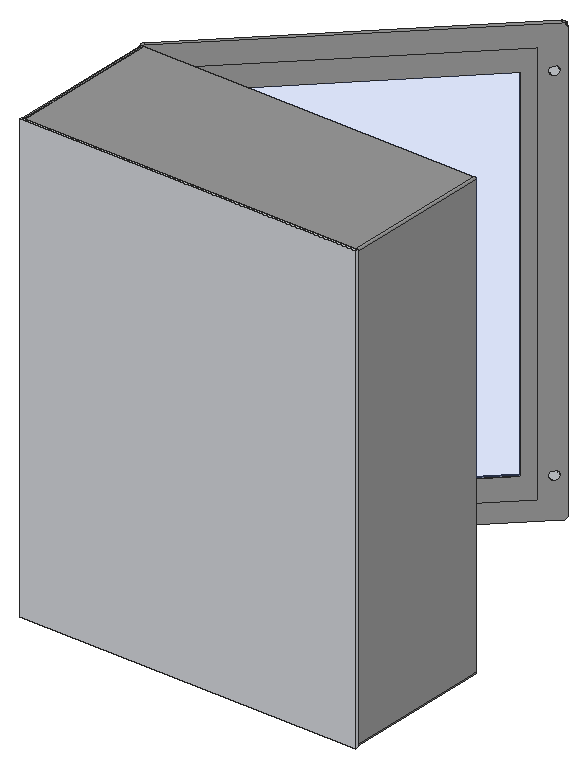
Revit family "Building-SurfaceMountingEnclosures-GEWISS-46QP-DISTRIBUTION-BOARD-POLYESTER_TRANSPARENT_DOOR_IP66", category Attrezzatura elettrica, host Muro, Revit 2016 (continued)
Definition of nested family "DETTAGLIO QUADRI IN POLIESTERE OBLO"
  Lines and regions (mm)
    detail lines, in view "Livello rif.", visible <- "GW46205", not visible
      curve 557: line (-1797.989, -626.4, 0) -> (-1738.613, -561.474, 0)
      curve 558: line (-1554.992, -983.294, 0) -> (-1495.616, -918.368, 0)
      curve 559: line (-1536.424, -1020.429, 0) -> (-1483.431, -962.482, 0)
      curve 560: line (-1532.219, -987.336, 0) -> (-1495.838, -947.554, 0)
      curve 561: line (-1451.373, -568.433, 0) -> (-1451.373, -1003.335, 0)
      curve 562: line (-1488.922, -1040.884, 0) -> (-1793.824, -1040.884, 0)
      curve 563: line (-1831.373, -1003.335, 0) -> (-1831.373, -568.433, 0)
      curve 564: line (-1793.824, -530.884, 0) -> (-1488.922, -530.884, 0)
      curve 569: arc (-1488.922, -1040.884, 0) -> (-1462.371, -1029.886, 0) -> (-1451.373, -1003.335, 0) r 37.549
      curve 570: arc (-1831.373, -1003.335, 0) -> (-1820.375, -1029.886, 0) -> (-1793.824, -1040.884, 0) r 37.549
      curve 571: arc (-1831.373, -568.433, 0) -> (-1820.375, -541.882, 0) -> (-1793.824, -530.884, 0) r 37.549
      curve 572: arc (-1488.922, -530.884, 0) -> (-1462.371, -541.882, 0) -> (-1451.373, -568.433, 0) r 37.549
      curve 573: line (-1637.873, -1167.016, 0) -> (-1637.873, -423.67, 0)
      curve 574: line (-1350.536, -788.67, 0) -> (-1929.292, -788.67, 0)
    detail lines, in view "Livello rif.", visible <- "GW46205", not visible, detail levels medium+fine
      curve 565: circle (-1411.344, -587.966, 0) r 15.964 normal (0, 0, 1)
      curve 566: circle (-1411.344, -587.966, 0) r 7.802 normal (0, 0, 1)
      curve 567: circle (-1411.344, -1028.406, 0) r 15.964 normal (0, 0, 1)
      curve 568: circle (-1411.344, -1028.406, 0) r 7.802 normal (0, 0, 1)
Definition of nested family "QUADRILAN"
  Parameters (values of type "QUADRILAN")
    SIMBOLO ACCESO [instance] = yes
    Distanza dal muro [instance] = 4.208 mm
    BORDO ACCESO [instance] = yes
  Reference planes
    plane 1: y = 0
    plane 2: x = 0
  Dimensions and locks
    "Distanza dal muro": plane 1 to nested 1
    aligned and locked: plane 2 to nested 1
  Nested families
    nested 1: "QUADRILAN_BASE" at (0, 4.208, 0), BORDO ACCESO <- "BORDO ACCESO", SIMBOLO ACCESO <- "SIMBOLO ACCESO", type "QUADRILAN"
      with SIMBOLO ACCESO yes, BORDO ACCESO yes
  Definition of nested family "QUADRILAN_BASE"
    Parameters (values of type "QUADRILAN")
      SIMBOLO ACCESO [instance] = yes
      Distanza dal muro = 4.208 mm
      BORDO ACCESO [instance] = yes
    Reference planes
      plane 1: y = 0
      plane 2: x = 0
    Lines and regions (mm)
      detail lines, visible <- "BORDO ACCESO"
        curve 1: line (-2, 2.5, 0) -> (2, 2.5, 0)
        curve 2: line (2, 2.5, 0) -> (2, 0, 0)
        curve 3: line (2, 0, 0) -> (-2, 0, 0)
        curve 4: line (-2, 0, 0) -> (-2, 2.5, 0)
        curve 5: line (-1.9, 2.4, 0) -> (1.9, 2.4, 0)
        curve 6: line (1.9, 2.4, 0) -> (1.9, 0.1, 0)
        curve 7: line (1.9, 0.1, 0) -> (-1.9, 0.1, 0)
        curve 8: line (-1.9, 0.1, 0) -> (-1.9, 2.4, 0)
      detail lines, visible <- "BORDO ACCESO", not visible
        curve 9: line (-2.443, 10.208, 0) -> (2.057, 10.208, 0)
        curve 10: line (2.057, 10.208, 0) -> (2.057, 4.208, 0)
        curve 11: line (2.057, 4.208, 0) -> (-2.443, 4.208, 0)
        curve 12: line (-2.443, 4.208, 0) -> (-2.443, 10.208, 0)
        curve 13: line (-2.043, 9.808, 0) -> (1.657, 9.808, 0)
        curve 14: line (1.657, 9.808, 0) -> (1.657, 4.608, 0)
        curve 15: line (1.657, 4.608, 0) -> (-2.043, 4.608, 0)
        curve 16: line (-2.043, 4.608, 0) -> (-2.043, 9.808, 0)
      detail lines, visible <- "SIMBOLO ACCESO"
        curve 17: line (1.731, 0.358, 0) -> (-1.731, 2.088, 0)
        curve 18: line (-1.731, 2.088, 0) -> (-0.201, 2.088, 0)
        curve 19: line (-0.201, 2.088, 0) -> (1.731, 2.088, 0)
        curve 20: line (1.731, 2.088, 0) -> (1.731, 0.358, 0)
        curve 21: line (1.731, 0.358, 0) -> (-1.731, 0.358, 0)
        curve 22: line (-1.731, 0.358, 0) -> (-1.731, 2.088, 0)
    Dimensions and locks
      aligned and locked: curve 3 to plane 1
Definition of nested family "NOME QUADRO"
  Parameters (values of type "NOME QUADRO")
    TXT [instance] = ""
  Reference planes
    plane 1: y = 0
    plane 2: x = 0
  Text (mm)
    label "NOME QUADRO" at (0.217, 0.029, 0), shows "TXT"
Types (7, lengths in mm): name | Technical sheet | Spessore quadro | Nominal dim. LxHxD (mm) | No. of modules EN 50022: | No. of modules EN 50022 | No. locks | Modello | Larghezza quadro | IDT | H_quadro | H_da terra | GEWISS SCHEDA TECNICA | Functional dim. LxHxD (mm) | EAN code | Dispersible power B (W) | Dispersible power A (W) | Dispersible power (W) | Dettaglio | Descrizione
  GW46201F - WT.POLYEST. BOARD250X300X160 WIN. DOOR | "https://www.gewiss.com/ww/en/search?q=GW46201F" | 160 | "250x300x160" | "" | "" | "1" | "GW46201F" | 250 | "96d41066-dc0b-41a3-9367-37be5e484ba9" | 300 | 90 | "http://pro.gewiss.com/irj/portal/?NavigationTarget=pcd:portal_content/com.gewiss.ZPPFDMain/com.gewiss.ZPPFDITMain/com.gewiss.ZPPFDITMainDefault/com.gewiss.ZPPFDITPages/com.gewiss.ZPPFDITPagesAP/com.gewiss.ZPPFDITPagesAPCatalogo/com.gewiss.ZPPPDITAPProductDetail&codProd=GW46201" | "253x303x160" | "8011564854789" | "-" | "34" | "" | DETTAGLIO QUADRI IN POLIESTERE OBLO : GW46201 | "WT.POLYEST. BOARD250X300X160 WIN. DOOR"
  GW46202F - WT.POLYEST. BOARD310X425X160 WIN. DOOR | "https://www.gewiss.com/ww/en/search?q=GW46202F" | 160 | "310x425x160" | "36 (12x3)" | "36 (12x3)" | "2" | "GW46202F" | 310 | "c18cbca1-f5aa-469c-8ab7-cb599a6e27dc" | 425 | 90 | "http://pro.gewiss.com/irj/portal/?NavigationTarget=pcd:portal_content/com.gewiss.ZPPFDMain/com.gewiss.ZPPFDITMain/com.gewiss.ZPPFDITMainDefault/com.gewiss.ZPPFDITPages/com.gewiss.ZPPFDITPagesAP/com.gewiss.ZPPFDITPagesAPCatalogo/com.gewiss.ZPPPDITAPProductDetail&codProd=GW46202" | "316x427x160" | "8011564854796" | "39" | "48" | "39" | DETTAGLIO QUADRI IN POLIESTERE OBLO : GW46202 | "WT.POLYEST. BOARD310X425X160 WIN. DOOR"
  GW46203F - WT.POLYEST. BOARD405X500X200 WIN. DOOR | "https://www.gewiss.com/ww/en/search?q=GW46203F" | 200 | "405x500x200" | "54 (18x3)" | "54 (18x3)" | "2" | "GW46203F" | 405 | "90b2b66a-8c27-4008-9de9-bdcb4836ccbd" | 500 | 90 | "http://pro.gewiss.com/irj/portal/?NavigationTarget=pcd:portal_content/com.gewiss.ZPPFDMain/com.gewiss.ZPPFDITMain/com.gewiss.ZPPFDITMainDefault/com.gewiss.ZPPFDITPages/com.gewiss.ZPPFDITPagesAP/com.gewiss.ZPPFDITPagesAPCatalogo/com.gewiss.ZPPPDITAPProductDetail&codProd=GW46203" | "409,5x502,5x200" | "8011564854802" | "53" | "95" | "53" | DETTAGLIO QUADRI IN POLIESTERE OBLO : GW46203 | "WT.POLYEST. BOARD405X500X200 WIN. DOOR"
  GW46204F - WT.POLYEST. BOARD405X650X200 WIN. DOOR | "https://www.gewiss.com/ww/en/search?q=GW46204F" | 200 | "405x650x200" | "72 (18x4)" | "72 (18x4)" | "2" | "GW46204F" | 405 | "26c1499e-4e98-4940-82c5-cfd324a7424d" | 650 | 90 | "http://pro.gewiss.com/irj/portal/?NavigationTarget=pcd:portal_content/com.gewiss.ZPPFDMain/com.gewiss.ZPPFDITMain/com.gewiss.ZPPFDITMainDefault/com.gewiss.ZPPFDITPages/com.gewiss.ZPPFDITPagesAP/com.gewiss.ZPPFDITPagesAPCatalogo/com.gewiss.ZPPPDITAPProductDetail&codProd=GW46204" | "409,5x652,5x200" | "8011564854819" | "81" | "118" | "81" | DETTAGLIO QUADRI IN POLIESTERE OBLO : GW46204 | "WT.POLYEST. BOARD405X650X200 WIN. DOOR"
  GW46205F - WT.POLYEST. BOARD515X650X250 WIN. DOOR | "https://www.gewiss.com/ww/en/search?q=GW46205F" | 250 | "515x650x250" | "96 (24x4)" | "96 (24x4)" | "2" | "GW46205F" | 515 | "4f1d06d6-085e-48a0-a744-a5c4eb0b07ac" | 650 | 90 | "http://pro.gewiss.com/irj/portal/?NavigationTarget=pcd:portal_content/com.gewiss.ZPPFDMain/com.gewiss.ZPPFDITMain/com.gewiss.ZPPFDITMainDefault/com.gewiss.ZPPFDITPages/com.gewiss.ZPPFDITPagesAP/com.gewiss.ZPPFDITPagesAPCatalogo/com.gewiss.ZPPPDITAPProductDetail&codProd=GW46205" | "518,5x653,5x250" | "8011564854826" | "106" | "126" | "106" | DETTAGLIO QUADRI IN POLIESTERE OBLO : GW46205 | "WT.POLYEST. BOARD515X650X250 WIN. DOOR"
  GW46206F - WT.POLYEST. BOARD585X800X300 WIN. DOOR | "https://www.gewiss.com/ww/en/search?q=GW46206F" | 300 | "585x800x300" | "140 (28x5)" | "140 (28x5)" | "2" | "GW46206F" | 585 | "23e00a31-06d0-441f-ab9e-6f9ff6e037d1" | 800 | 500 | "http://pro.gewiss.com/irj/portal/?NavigationTarget=pcd:portal_content/com.gewiss.ZPPFDMain/com.gewiss.ZPPFDITMain/com.gewiss.ZPPFDITMainDefault/com.gewiss.ZPPFDITPages/com.gewiss.ZPPFDITPagesAP/com.gewiss.ZPPFDITPagesAPCatalogo/com.gewiss.ZPPPDITAPProductDetail&codProd=GW46206" | "591x804x300" | "8011564854833" | "146" | "205" | "146" | DETTAGLIO QUADRI IN POLIESTERE OBLO : GW46206 | "WT.POLYEST. BOARD585X800X300 WIN. DOOR"
  GW46207F - WT.POLYEST. BOARD 800X1060X350 WIN. DOOR | "https://www.gewiss.com/ww/en/search?q=GW46207F" | 350 | "800x1060x350" | "180 (36x5)" | "180 (36x5)" | "2" | "GW46207F" | 800 | "7e35b214-ea7b-432e-a143-ac9dd760c749" | 1060 | 500 | "http://pro.gewiss.com/irj/portal/?NavigationTarget=pcd:portal_content/com.gewiss.ZPPFDMain/com.gewiss.ZPPFDITMain/com.gewiss.ZPPFDITMainDefault/com.gewiss.ZPPFDITPages/com.gewiss.ZPPFDITPagesAP/com.gewiss.ZPPFDITPagesAPCatalogo/com.gewiss.ZPPPDITAPProductDetail&codProd=GW46207" | "783x1066x350" | "8011564854840" | "226" | "324" | "226" | DETTAGLIO QUADRI IN POLIESTERE OBLO : GW46207 | "WT.POLYEST. BOARD 800X1060X350 WIN. DOOR"
